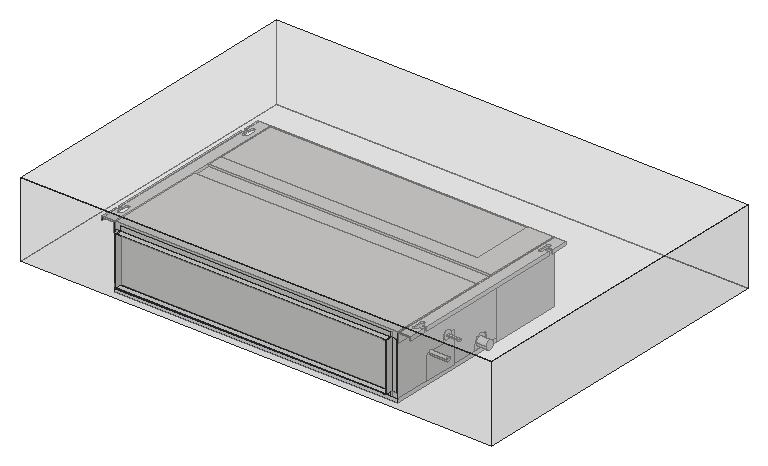
Revit family "outputfile", category 機械設備, Revit 2024
Family settings
  丸型コネクタ寸法 = 半径を使用
  パーツ タイプ = 標準
  OmniClass 番号 = 23.75.10.24.21.27.27
  OmniClass タイトル = Split System Air Conditioning Units
  作業面ベース = いいえ
  常に垂直 = はい
  ロード時にボイドで切り取り = いいえ
  注釈の向きを維持 = いいえ
  共有 = いいえ
  部屋計算ポイント = はい
Parameters (values of type "FXDQ40NDVT4")
  Description = ""
  製造元 = "Daikin"
  書き出し IFC クラス(タイプ) = "IfcUnitaryEquipmentType"
  定義済み IFC タイプ(タイプ) = "AIRCONDITIONINGUNIT"
  Cost = 0
  モデル = "FXDQ40NDVT4"
  Type Comments = ""
  Keynote = ""
  Type Image = (empty or 0)
  Assembly Code = ""
  w_pipe = 33.0 mm
  r_Liquid Pipe Size = Liquid Pipe Size / 2  # 3.2 mm
  r_Gas Pipe Size = Gas Pipe Size / 2  # 6.35 mm
  r_Drain Pipe Size = Drain Pipe Size / 2  # 10.0 mm
  lw_powersupply = 404.0 mm
  lw_ductflange2 = 820.0 mm
  lw_Width = 860.0 mm
  lh_suctionflange [instance] = if(Rear Connection_Return Air, 100.0 mm + [h***], 190.0 mm + [h***])  # 100.0 mm
  ld_suctionflange [instance] = if(Rear Connection_Return Air, 190.0 mm, 100.0 mm)  # 190.0 mm
  ld_powersupply = 60.0 mm
  angle_vertical_RA [instance] = if(Rear Connection_Return Air, 90.00°, 0.00°)  # 90.00°
  angle horizontal_RA [instance] = if(Rear Connection_Return Air, 180.00°, 270.00°)  # 180.00°
  Voltage_comment_60Hz = "220"
  Voltage_comment_50Hz = "220-240"
  Voltage_60Hz = 220 V
  Voltage_50Hz = 220 V
  URL = ""
  Supply Air Direction [instance] = yes
  Sound Power Level_H speed (dB) = 56
  Rear Connection_Return Air [instance] = not(Bottom Connection_Return Air)  # yes
  RA_length = 190.0 mm  # constant formula
  Phase_60Hz = 1
  Phase_50Hz = 1
  Minimum External Static Pressure = 15.00 Pa
  Minimum Circuit Amps_60Hz = 1.1 A
  Minimum Circuit Amps_50Hz = 1.0 A
  Maximum Fuse Amps_60Hz = 16.0 A
  Maximum Fuse Amps_50Hz = 16.0 A
  Maximum External Static Pressure = 44.00 Pa
  Material_Casing = DAIKIN_GalvanizedSteel_Casing_indoorunit
  lw_liquidpipe = 46.0 mm  # constant formula
  lw_gaspipe = 57.0 mm  # constant formula
  lw_mountinghole_pitch = 940.0 mm
  lw_mountinghole = 20.0 mm  # constant formula
  lw_drainpipe = 33.0 mm  # constant formula
  lh_powersupply = 10.0 mm
  lh_liquidpipe = 110.0 mm
  lh_gaspipe = 87.0 mm
  lh_mountinghole = Height + [h***]  # 200.0 mm
  lh_drainpipe = 30.0 mm
  lh_antena = 1.0 mm  # constant formula
  ld_liquidpipe = 193.0 mm  # constant formula
  ld_gaspipe = 130.0 mm  # constant formula
  ld_mountinghole_pitch = 0.0 mm  # constant formula
  ld_drainpipe = 280.0 mm
  ld_controlbox = 626.0 mm  # constant formula
  h*** = 0.0 mm  # constant formula
  d_dischargeflange = 21.2 mm  # constant formula
  Width = 900.0 mm
  Version = "ver.1.0"
  Unit Type = "Slim Duct (Standard) Type"
  Unit Mass Weight = 27.00 kg
  Unit Designation [instance] = ""
  Uniclass2015Version = "Products v1.30"
  Uniclass2015Title = "Variable refrigerant flow units"
  Uniclass2015Code = "Pr_70_65_03_94"
  Total Heating Capacity [instance] = 0.000 kW
  Total Cooling Capacity [instance] = 0.000 kW
  Sound Pressure Level_M speed (dBA) = 0
  Sound Pressure Level_L speed (dBA) = 26
  Sound Pressure Level_H speed (dBA) = 30
  Series = "VRV Fan Coil Unit"
  Sensible Cooling Capacity [instance] = 0.000 kW
  SA Duct Size Width = 860.0 mm
  SA Duct Size Height = 153.0 mm
  Refrigerant Type = "R410A"
  RA Duct Size Width = 800.0 mm
  RA Duct Size Height = 180.0 mm
  Power Input (Heating) = 0.147 kW
  Power Input (Cooling) = 0.147 kW
  Option Accessory 3 [instance] = ""
  Option Accessory 2 [instance] = ""
  Option Accessory 1 [instance] = ""
  Nominal Heating Capacity = 5.000 kW
  Nominal Cooling Capacity = 4.500 kW
  Minimum Airflow = 510.00 m³/h
  Median Airflow = 570.00 m³/h
  Maximum Airflow = 630.00 m³/h
  Load Classification = HVAC
  Liquid Pipe Size = 6.4 mm
  Link_Nested Family [instance] = ""
  IfcVersion = "0"
  IfcExportType = "AIRCONDITIONINGUNIT"
  IfcExportAs = "IfcUnitaryEquipmentType"
  Height = 200.0 mm
  Heating Entering Wet Bulb Temperature [instance] = 0.00 °C
  Heating Entering Dry Bulb Temperature [instance] = 0.00 °C
  Heating Ambient Wet Bulb Temperature [instance] = 0.00 °C
  Heating Ambient Dry Bulb Temperature [instance] = 0.00 °C
  Heat Exchanger Type = "Cross Fin Coil"
  Gas Pipe Size = 12.7 mm
  Frequency_60Hz = 60 Hz
  Frequency_50Hz = 50 Hz
  Fan Type = "Sirocco Fan"
  Fan Drive = "Direct Drive"
  FCU Tag No. [instance] = ""
  Drain Pipe Size = 20.0 mm
  Design Supply Airflow [instance] = 0.00 m³/h
  Design Return Airflow [instance] = 0.00 m³/h
  Design External Static Pressure [instance] = 0.00 Pa
  Depth = 620.0 mm
  既定の高さ = 0.0 mm
  Cooling Entering Wet Bulb Temperature [instance] = 0.00 °C
  Cooling Entering Dry Bulb Temperature [instance] = 0.00 °C
  Cooling Ambient Wet Bulb Temperature [instance] = 0.00 °C
  Cooling Ambient Dry Bulb Temperature [instance] = 0.00 °C
  Clearance visibility [instance] = yes
  Clearance Top = 20.0 mm
  Clearance Right = 300.0 mm
  Clearance Rear = 400.0 mm
  Clearance Left = 300.0 mm
  Clearance Front = 0.0 mm
  Clearance Bottom = 20.0 mm
  Bottom Connection_Return Air [instance] = no
Reference planes
  plane 1 "Center (Front/Back)": y = 0
  plane 2: z = 0
  plane 3 "Center (Left/Right)": x = 0
  plane 4 "Back": y = 310
  plane 5 "Front": y = -310
  plane 6 "Left": x = -450
  plane 7 "Right": x = 450
  plane 8 "Top": z = 0
  plane 9 "Bottom": z = -200
  plane 10: x = 330
  plane 11: x = -330
  plane 12: z = -190
  plane 13: z = -6
  plane 14: z = -22
  plane 15: z = -90
  plane 16: z = -113
  plane 17: x = -304
  plane 18: x = 304
  plane 19: x = -470
  plane 20: x = 470
  plane 21: y = 250
  plane 22: y = 250
  plane 23: x = -490
  plane 24: x = 390
  plane 25: x = 496
  plane 26: x = 507
  plane 27: x = 483
  plane 28: z = 0
  plane 29: z = -170
  plane 30 "Clearance Left": x = -750
  plane 31 "Clearance Right": x = 750
  plane 32 "Clearance Rear": y = 710
  plane 33 "Clearance Front": y = -310
  plane 34 "Clearance Top": z = 20
  plane 35 "Clearance Bottom": z = -220
  plane 36: z = -21
  plane 37: z = -170
  plane 38: z = -96.5
  plane 39: x = -40
  plane 40: y = -180
  plane 41: y = -117
  plane 42: y = -30
  plane 43: y = 20
  plane 44: z = -97.5
  plane 45: y = -309
  plane 46: x = -449
  plane 47: z = -100
  plane 48: z = -30
  plane 49: y = 210
  plane 50: z = 301
  plane 51: z = -199
  plane 52: y = 120
  plane 53: z = -101
  plane 54: x = 480
  plane 55: x = 445
  plane 56: x = 455
  plane 57: x = 451
  plane 58: x = 369
  plane 59: x = 449.004
  plane 60: x = -449
  plane 61: x = 404
  plane 62: z = -189
  plane 63: z = 102.5
Forms (mm)
  Extrusion 1, solid
    sketch origin (0, 0, 0) x (1, 0, 0) y (0, 0, 1)
      loop
        line (-450, -190) -> (-450, -200) -> (450, -200) -> (450, -190) -> (-450, -190)
    from -84 to 310
  Extrusion 2, solid, material "DAIKIN_GalvanizedSteel_Casing_indoorunit" <- "Material_Casing"
    sketch origin (0, 0, 0) x (1, 0, 0) y (0, 1, 0)
      loop
        line (-450, -309) -> (450, -309) -> (450, 310) -> (-450, 310) -> (-450, -309)
    from -200 to 0
  Extrusion 3, void
    sketch origin (0, 0, 1) x (1, 0, 0) y (0, 1, 0)
      loop
        line (-450, 62.179) -> (-450, 4.179) -> (450, 4.179) -> (450, 62.179) -> (-450, 62.179)
    from -1 to -7
  Extrusion 4, void
    sketch origin (0, 0, 0) x (0, 1, 0) y (0, 0, 1)
      loop
        line (-5, -190) -> (45, -190) -> (45, -170)
        arc (45, -170) -> (20, -145) -> (-5, -170) r 25
        line (-5, -170) -> (-5, -190)
    from 450 to 445
  Revolve 5, solid, material "DAIKIN_GalvanizedSteel_Casing_indoorunit" <- "Material_Casing"
    sketch origin (0, 0, -113) x (0, -1, 0) y (1, 0, 0)
      loop
        line (173.65, 451) -> (180, 451) -> (180, 507) -> (173.65, 507) -> (173.65, 451)
      axis (180, 451) -> (180, 507)
    angle from 0 to 360
  Revolve 6, solid, material "DAIKIN_GalvanizedSteel_Casing_indoorunit" <- "Material_Casing"
    sketch origin (0, 0, -90) x (0, -1, 0) y (1, 0, 0)
      loop
        line (117, 451) -> (117, 496) -> (113.8, 496) -> (113.8, 451) -> (117, 451)
      axis (117, 496) -> (117, 451)
    angle from 0 to 360
  Extrusion 7, solid, material "DAIKIN_GalvanizedSteel_Casing_indoorunit" <- "Material_Casing"
    sketch origin (0, 0, 0) x (0, 1, 0) y (0, 0, 1)
      loop
        circle (-116, -90) r 12.7
    from 450 to 455
  Extrusion 8, solid, material "DAIKIN_GalvanizedSteel_Casing_indoorunit" <- "Material_Casing"
    sketch origin (0, 0, 0) x (0, 1, 0) y (0, 0, 1)
      loop
        circle (20, -170) r 13
    from 480 to 445
  Extrusion 9, solid, material "DAIKIN_GalvanizedSteel_Casing_indoorunit" <- "Material_Casing"
    sketch origin (0, 0, 0) x (1, 0, 0) y (0, 0, 1)
      loop
        line (-450, -190) -> (-450, -200) -> (450, -200) -> (450, -190) -> (-450, -190)
    from -84 to 310
  Extrusion 10, solid, material "DAIKIN_GalvanizedSteel_Casing_indoorunit" <- "Material_Casing", visible <- "Bottom Connection_Return Air"
    sketch origin (0, 0, 0) x (1, 0, 0) y (0, 0, 1)
      loop
        line (369, -200) -> (369, -1) -> (-449, -1) -> (-449, -200) -> (369, -200)
    from -310 to -309
  Extrusion 11, void
    sketch origin (0, 0, 0) x (1, 0, 0) y (0, 0, 1)
      loop
        line (369, 0) -> (-449, 0) -> (-449, -1) -> (369, -1) -> (369, 0)
    from -310 to -111
  Extrusion 12, solid, material "DAIKIN_GalvanizedSteel_Casing_indoorunit" <- "Material_Casing", visible <- "Rear Connection_Return Air"
    sketch origin (0, 0, 0) x (1, 0, 0) y (0, 1, 0)
      loop
        line (-449, 310) -> (-449, 111) -> (369, 111) -> (369, 310) -> (-449, 310)
    from -200 to -199
  Extrusion 13, solid, material "DAIKIN_GalvanizedSteel_Casing_indoorunit" <- "Material_Casing"
    sketch origin (0, 0, 0) x (0, 1, 0) y (0, 0, 1)
      loop
        line (-194, -113) -> (-194, -190) -> (-88.3, -190) -> (-88.3, -90) -> (-103.3, -90)
        arc (-103.3, -90) -> (-116, -102.7) -> (-128.7, -90) r 12.7
        line (-128.7, -90) -> (-128.7, -113) -> (-173.65, -113)
        arc (-173.65, -113) -> (-180, -119.35) -> (-186.35, -113) r 6.35
        line (-186.35, -113) -> (-194, -113)
    from 451 to 450
  Extrusion 14, solid, material "DAIKIN_GalvanizedSteel_Casing_indoorunit" <- "Material_Casing"
    sketch origin (0, 0, 0) x (0, 1, 0) y (0, 0, 1)
      loop
        line (84, -199) -> (310, -199) -> (310, -22) -> (91, -22) -> (84, -29) -> (84, -199)
    from 451 to 450
Cuts and joins
  Extrusion 3, Extrusion 4, Extrusion 11 cuts Extrusion 2
  Extrusion 4 cuts Extrusion 1
  Extrusion 11 cuts Extrusion 9
Dimensions and locks
  "lh_powersupply": plane 12 to plane 9 "Bottom"
  locked: plane 8 "Top" to plane 13 at 6
  "Height": plane 8 "Top" to plane 9 "Bottom"
  equal spacing: plane 17, plane 3 "Center (Left/Right)", plane 18, locked at 304 each
  locked: plane 17 to plane 18 at 608
  equal spacing: plane 19, plane 3 "Center (Left/Right)", plane 20
  "lw_mountinghole_pitch": plane 19 to plane 20
  locked: plane 14 to plane 9 "Bottom" at 178
  "lw_mountinghole": plane 23 to plane 19
  "lh_liquidpipe": plane 15 to plane 9 "Bottom"
  "lh_gaspipe": plane 16 to plane 9 "Bottom"
  "lh_mountinghole": plane 28 to plane 9 "Bottom"
  "ld_mountinghole_pitch": plane 22 to plane 21
  equal spacing: plane 6 "Left", plane 3 "Center (Left/Right)", plane 7 "Right"
  "Width": plane 6 "Left" to plane 7 "Right"
  "lh_drainpipe": plane 29 to plane 9 "Bottom"
  "Clearance Right": plane 7 "Right" to plane 31 "Clearance Right"
  "Clearance Left": plane 30 "Clearance Left" to plane 6 "Left"
  "lw_gaspipe": plane 7 "Right" to plane 26
  "lw_liquidpipe": plane 7 "Right" to plane 25
  "lw_drainpipe": plane 7 "Right" to plane 27
  "Clearance Rear": plane 32 "Clearance Rear" to plane 4 "Back"
  "Clearance Front": plane 5 "Front" to plane 33 "Clearance Front"
  "Clearance Top": plane 34 "Clearance Top" to plane 8 "Top"
  "Clearance Bottom": plane 9 "Bottom" to plane 35 "Clearance Bottom"
  "ld_powersupply": plane 4 "Back" to plane 22
  locked: plane 8 "Top" to plane 36 at 21
  locked: plane 8 "Top" to plane 37 at 170
  locked: plane 40 to plane 41 at 63
  locked: plane 38 to plane 9 "Bottom" at 103.5
  locked: plane 36 to plane 44 at 76.5
  "Depth": plane 4 "Back" to plane 5 "Front"
  equal spacing: plane 4 "Back", plane 1 "Center (Front/Back)", plane 5 "Front"
  locked: plane 45 to plane 5 "Front" at 1
  locked: plane 46 to plane 6 "Left" at 1
  Extrusion 10 sketch curve to Extrusion 10 sketch curve = 199.0 mm
  locked: plane 12 to plane 47 at 90
  plane 32 "Clearance Rear" to Extrusion 10 = 401.0 mm
  locked: plane 48 to plane 35 "Clearance Bottom" at 190
  plane 50 to plane 28 = 301.0 mm
  locked: plane 51 to plane 9 "Bottom" at 1
  "ld_suctionflange": plane 4 "Back" to plane 52
  locked: plane 53 to plane 9 "Bottom" at 99
  locked: plane 7 "Right" to plane 54 at 30
  locked: plane 55 to plane 7 "Right" at 5
  locked: plane 7 "Right" to plane 56 at 5
  locked: plane 7 "Right" to plane 57 at 1
  plane 7 "Right" to plane 58 = 81.0 mm
  locked: plane 7 "Right" to plane 59 at 0.996
  locked: plane 60 to plane 6 "Left" at 1
  "lw_powersupply": plane 3 "Center (Left/Right)" to plane 61
  "r_Gas Pipe Size": nested 6 to Revolve 5 sketch curve
  "r_Liquid Pipe Size": nested 5 to Revolve 6 sketch curve
  locked: plane 62 to plane 9 "Bottom" at 11
  aligned and locked: level to plane 2
  aligned and locked: Extrusion 2 to plane 9 "Bottom"
  aligned and locked: plane 8 "Top" to Extrusion 2
  aligned and locked: Revolve 5 sketch curve to Revolve 5 sketch curve
  aligned and locked: plane 15 to Extrusion 7 sketch curve
  aligned and locked: cut or joined group of Extrusion 1, Extrusion 4 to plane 9 "Bottom"
  aligned and locked: plane 25 to nested 5
  aligned and locked: nested 5 to plane 15
  aligned and locked: nested 1 to plane 22
  aligned and locked: plane 20 to nested 2
  aligned and locked: plane 19 to nested 3
  aligned and locked: plane 22 to nested 4
  aligned and locked: nested 4 to plane 22
  aligned and locked: plane 19 to nested 4
  aligned and locked: nested 10 to plane 12
  aligned and locked: Extrusion 9 to plane 5 "Front"
  aligned and locked: Extrusion 9 to plane 9 "Bottom"
  aligned and locked: nested 6 to plane 16
  aligned and locked: plane 40 to nested 6
  aligned and locked: plane 41 to nested 5
  aligned and locked: Extrusion 8 sketch curve to plane 43
  aligned and locked: plane 4 "Back" to Extrusion 11
  aligned and locked: plane 8 "Top" to Extrusion 3
  aligned and locked: Extrusion 10 to cut or joined group of Extrusion 2, Extrusion 3, Extrusion 4, Extrusion 11
  aligned and locked: plane 9 "Bottom" to Extrusion 12  (x2)
  aligned and locked: Extrusion 12 to plane 51
  aligned and locked: Extrusion 11 to level
  aligned and locked: plane 32 "Clearance Rear" to nested 13
  aligned and locked: plane 31 "Clearance Right" to nested 13
  aligned and locked: plane 30 "Clearance Left" to nested 13
  aligned and locked: nested 13 to plane 33 "Clearance Front"
  aligned and locked: nested 13 to plane 34 "Clearance Top"
  aligned and locked: nested 13 to plane 35 "Clearance Bottom"
  aligned and locked: plane 7 "Right" to Extrusion 13  (x2)
  aligned and locked: plane 4 "Back" to Extrusion 14
  aligned and locked: Extrusion 14 to plane 51
  aligned and locked: plane 7 "Right" to Extrusion 14  (x2)
  aligned and locked: Extrusion 13 to Revolve 5 sketch curve
  aligned and locked: Extrusion 3 to plane 13
  aligned and locked: plane 52 to nested 14
  aligned and locked: Extrusion 7 to plane 7 "Right"
  aligned and locked: plane 7 "Right" to cut or joined group of Extrusion 2, Extrusion 3, Extrusion 4, Extrusion 11  (x3)
  aligned and locked: cut or joined group of Extrusion 2, Extrusion 3, Extrusion 4, Extrusion 11 to plane 55
  aligned and locked: Extrusion 8 to plane 55
  aligned and locked: plane 54 to Extrusion 8
  aligned and locked: plane 56 to Extrusion 7
  aligned and locked: plane 57 to Extrusion 14
  aligned and locked: Extrusion 13 to plane 57
  aligned and locked: plane 26 to nested 6
  aligned and locked: plane 58 to Extrusion 11 sketch curve
  aligned and locked: Extrusion 10 sketch curve to plane 58
  aligned and locked: plane 3 "Center (Left/Right)" to nested 15
  aligned and locked: Extrusion 12 to plane 58
  aligned and locked: plane 6 "Left" to nested 11
  aligned and locked: plane 8 "Top" to nested 15
  aligned and locked: plane 4 "Back" to nested 15
  aligned and locked: cut or joined group of Extrusion 2, Extrusion 3, Extrusion 4, Extrusion 11 to plane 45
  aligned and locked: nested 10 to plane 61
  aligned and locked: plane 20 to nested 1
  aligned and locked: plane 43 to nested 7
  aligned and locked: nested 7 to plane 37
  aligned and locked: plane 54 to nested 7
  aligned and locked: nested 9 to plane 1 "Center (Front/Back)"
  aligned and locked: plane 3 "Center (Left/Right)" to nested 9
  aligned and locked: nested 16 to plane 62
  aligned and locked: plane 13 to nested 16
  aligned and locked: nested 11 to plane 51
  aligned and locked: nested 12 to plane 51
  aligned and locked: plane 44 to nested 8
  aligned and locked: plane 45 to nested 16
  aligned and locked: level to plane 8 "Top"
Automatic sketch dimensions
  Extrusion 1 sketch curve to plane 6 "Left" = 0.0 mm
  Extrusion 1 sketch curve to plane 7 "Right" = 0.0 mm
  Extrusion 1 sketch curve to plane 9 "Bottom" = 0.0 mm
  Extrusion 1 sketch curve to plane 12 = 0.0 mm
  Extrusion 2 sketch curve to plane 4 "Back" = 0.0 mm
  Extrusion 2 sketch curve to plane 6 "Left" = 0.0 mm
  Extrusion 2 sketch curve to plane 7 "Right" = 0.0 mm
  Extrusion 2 sketch curve to plane 45 = 0.0 mm
  Extrusion 3 sketch curve to plane 6 "Left" = 0.0 mm
  Extrusion 3 sketch curve to plane 7 "Right" = 0.0 mm
  Extrusion 3 sketch curve to plane 1 "Center (Front/Back)" = 4.179 mm
  plane 43 to Extrusion 3 sketch curve = 42.179 mm
  Extrusion 4 sketch curve to plane 37 = 0.0 mm
  Extrusion 4 sketch curve to plane 12 = 0.0 mm
  Extrusion 4 sketch curve to plane 43 = 0.0 mm
  plane 1 "Center (Front/Back)" to Extrusion 4 sketch curve = 5.0 mm
  plane 41 to Extrusion 7 sketch curve = 1.0 mm
  Extrusion 8 sketch curve to plane 37 = 0.0 mm
  Extrusion 9 sketch curve to plane 6 "Left" = 0.0 mm
  Extrusion 9 sketch curve to plane 7 "Right" = 0.0 mm
  Extrusion 9 sketch curve to plane 9 "Bottom" = 0.0 mm
  Extrusion 9 sketch curve to plane 12 = 0.0 mm
  plane 46 to Extrusion 10 sketch curve = 0.0 mm
  plane 46 to Extrusion 11 sketch curve = 0.0 mm
  Extrusion 11 sketch curve to plane 8 "Top" = 1.0 mm
  Extrusion 12 sketch curve to plane 46 = 0.0 mm
  Extrusion 12 sketch curve to plane 4 "Back" = 0.0 mm
  plane 18 to Extrusion 12 sketch curve = 65.0 mm
  plane 43 to Extrusion 12 sketch curve = 91.0 mm
  plane 35 "Clearance Bottom" to Extrusion 11 sketch curve = 220.0 mm
  Extrusion 10 sketch curve to plane 51 = 1.0 mm
  Extrusion 13 sketch curve to plane 12 = 0.0 mm
  Extrusion 13 sketch curve to plane 16 = 0.0 mm
  Extrusion 13 sketch curve to plane 40 = 0.0 mm
  Extrusion 13 sketch curve to plane 15 = 0.0 mm
  Extrusion 13 sketch curve to Extrusion 13 sketch curve = 6.35 mm
  Extrusion 13 sketch curve to Extrusion 13 sketch curve = 7.65 mm
  Extrusion 13 sketch curve to plane 41 = 11.7 mm
  plane 41 to Extrusion 13 sketch curve = 1.0 mm
  Extrusion 13 sketch curve to Extrusion 13 sketch curve = 27.7 mm
  Extrusion 14 sketch curve to plane 51 = 0.0 mm
  Extrusion 14 sketch curve to plane 14 = 0.0 mm
  plane 48 to Extrusion 14 sketch curve = 1.0 mm
  plane 43 to Extrusion 14 sketch curve = 64.0 mm
  Extrusion 14 sketch curve to Extrusion 14 sketch curve = 7.0 mm
  Extrusion 14 sketch curve to plane 4 "Back" = 0.0 mm
  Revolve 5 sketch curve to plane 26 = 0.0 mm
  Revolve 5 sketch curve to plane 40 = 0.0 mm
  Revolve 5 sketch curve to Revolve 5 sketch curve = 1.003 mm
  plane 26 to Revolve 5 sketch curve = 1.003 mm
  Revolve 6 sketch curve to plane 41 = 0.0 mm  (x2)
  Revolve 6 sketch curve to plane 25 = 0.0 mm  (x2)
  Revolve 6 sketch curve to plane 57 = 0.0 mm  (x2)
  radius of Extrusion 7 sketch curve = 12.7 mm
  radius of Extrusion 8 sketch curve = 13.0 mm
Nested families
  nested 1: "daikin_mountinghole" at (470, 250, -200), l_antenna <- "lh_antena", Link_Nested Family <- "Link_Nested Family", h_mountinghole <- "lh_mountinghole", type "daikin_mountinghole"
    with show yes, l_antenna 1.0 mm, h_mountinghole 200.0 mm, Link_Nested Family ""
  nested 2: "daikin_mountinghole" at (470, -250, -200), Link_Nested Family <- "Link_Nested Family", l_antenna <- "lh_antena", h_mountinghole <- "lh_mountinghole", type "daikin_mountinghole"
    with show yes, l_antenna 1.0 mm, h_mountinghole 200.0 mm, Link_Nested Family ""
  nested 3: "daikin_mountinghole" at (-470, -250, -200), l_antenna <- "lh_antena", Link_Nested Family <- "Link_Nested Family", h_mountinghole <- "lh_mountinghole", type "daikin_mountinghole"
    with show yes, l_antenna 1.0 mm, h_mountinghole 200.0 mm, Link_Nested Family ""
  nested 4: "daikin_mountinghole" at (-470, 250, -200), l_antenna <- "lh_antena", Link_Nested Family <- "Link_Nested Family", h_mountinghole <- "lh_mountinghole", type "daikin_mountinghole"
    with show yes, l_antenna 1.0 mm, h_mountinghole 200.0 mm, Link_Nested Family ""
  nested 5: "daikin_connector_rotate2" at (450, -117, -90) x (0, 1, 0) z (0, 0, 1), length <- "lw_liquidpipe", built-in parameter 1001364 <- "lh_liquidpipe", radius <- "r_Liquid Pipe Size", type "daikin_connector_rotate2"
    with radius 3.2 mm, length 46.0 mm, angle_vertical 90.00°, show_face no
  nested 6: "daikin_connector_rotate2" at (450, -180, -113) x (0, 1, 0) z (0, 0, 1), length <- "lw_gaspipe", built-in parameter 1001364 <- "lh_gaspipe", radius <- "r_Gas Pipe Size", type "daikin_connector_rotate2"
    with radius 6.35 mm, length 57.0 mm, angle_vertical 90.00°, show_face no
  nested 7: "daikin_connector_rotate2" at (447, 20, -170) x (0, 1, 0) z (0, 0, 1), built-in parameter 1001364 <- "lh_drainpipe", length <- "lw_drainpipe", radius <- "r_Drain Pipe Size", type "daikin_connector_rotate2"
    with radius 10.0 mm, length 33.0 mm, angle_vertical 90.00°, show_face no
  nested 8: "daikin_connector_rotate2" at (0, -309, -97.5), length <- "d_dischargeflange", type "daikin_connector_rotate2"
    with radius 10.0 mm, length 21.2 mm, angle_vertical 90.00°, show_face no
  nested 9: "daikin_△_symbolicline" at (-75, -129.904, 200) x (-0.5, 0.866, 0) z (0, 0, 1), built-in parameter 1001364 <- "Height", visible <- "Supply Air Direction", type "daikin_△_symbolicline"
    with length 300.0 mm
  nested 10: "daikin_connector_rotate2" at (404, 250, -190) x (-1, 0, 0) z (0, 0, 1), built-in parameter 1001364 <- "lw_powersupply", length <- "ld_powersupply", type "daikin_connector_rotate2"
    with radius 10.0 mm, length 60.0 mm, angle_vertical 90.00°, show_face no
  nested 11: "daikin_ductflange_FXDQ-NDVT4_2" at (-40, 310, -100), visible <- "Rear Connection_Return Air", material <- "Material_Casing", width <- "lw_ductflange2", type "daikin_ductflange_FXDQ-NDVT4_2"
    with width 820.0 mm, material DAIKIN_GalvanizedSteel_Casing_indoorunit, height 180.0 mm, depth 21.2 mm
  nested 12: "daikin_ductflange_FXDQ-NDVT4_2" at (-40, 210, -200) x (1, 0, 0) z (0, 1, 0), visible <- "Bottom Connection_Return Air", material <- "Material_Casing", width <- "lw_ductflange2", type "daikin_ductflange_FXDQ-NDVT4_2"
    with width 820.0 mm, material DAIKIN_GalvanizedSteel_Casing_indoorunit, height 180.0 mm, depth 21.2 mm
  nested 13: "daikin_clearancespace" at (0, 200, -99.881), visible <- "Clearance visibility", show <- "Clearance visibility", Link_Nested Family <- "Link_Nested Family", type "daikin_clearancespace"
    with width 1500.0 mm, show yes, height 240.0 mm, depth 1020.0 mm, Link_Nested Family ""
  nested 14: "daikin_connector_rotate3" at (-40, 120, -100), built-in parameter 1001364 <- "lh_suctionflange", angle_vertical <- "angle_vertical_RA", angle_horizontal <- "angle horizontal_RA", length <- "RA_length", type "daikin_connector_rotate3"
    with show no, radius 10.0 mm, length 190.0 mm, angle_vertical 90.00°, angle_horizontal 180.00°
  nested 15: "daikin_hangerfixture_FXDQ-NDVT4" at (0, 0.5, 0), type "daikin_hangerfixture_FXDQ-NDVT4"
  nested 16: "daikin_ductflange_FXDQ-NDVT4_1" at (0, 4.5, -364.201), width <- "lw_Width", material <- "Material_Casing", type "daikin_ductflange_FXDQ-NDVT4_1"
    with width 860.0 mm, material DAIKIN_GalvanizedSteel_Casing_indoorunit, height 155.0 mm, depth 21.2 mm
Connectors
  piping at (507, -180, -113), diameter 12.7, driven by "r_Gas Pipe Size"
    settings: on nested 6, index 1, connector inside diameter 609.6 mm, connector length 0.0 mm, flow factor 0, pipe flow 0.00 m³/h, pressure drop 0.0 Pa, fitting loss kfactor 0, connector angle 0.00°, fixture units 0, engagement length 0.0 mm, angle of deflection 0.00°, flow configuration 1, flow direction 2, fitting loss method 0, system type 29, joint type 0, gender type 0, connector reference index -1, connector utility 0, adjustable connector no, is connector primary yes, connector description "Refrigerant Gas Piping"
  piping at (496, -117, -90), diameter 6.4, driven by "r_Liquid Pipe Size"
    settings: on nested 5, index 2, connector inside diameter 609.6 mm, connector length 0.0 mm, flow factor 0, pipe flow 0.00 m³/h, pressure drop 0.0 Pa, fitting loss kfactor 0, connector angle 0.00°, fixture units 0, engagement length 0.0 mm, angle of deflection 0.00°, flow configuration 1, flow direction 1, fitting loss method 0, system type 29, joint type 0, gender type 0, connector reference index -1, connector utility 0, adjustable connector no, is connector primary no, connector description "Refrigerant Liquid Piping"
  piping at (480, 20, -170), diameter 20, driven by "r_Drain Pipe Size"
    settings: on nested 7, index 3, connector inside diameter 609.6 mm, connector length 0.0 mm, flow factor 0, pipe flow 0.00 m³/h, pressure drop 0.0 Pa, fitting loss kfactor 0, connector angle 0.00°, fixture units 0, engagement length 0.0 mm, angle of deflection 0.00°, flow configuration 1, flow direction 2, fitting loss method 4, system type 16, joint type 0, gender type 0, connector reference index -1, connector utility 0, adjustable connector no, is connector primary no, connector description "Condensate Drain Piping"
  hvac at (0, -330.2, -97.5), driven by "SA Duct Size Height", driven by "SA Duct Size Width"
    settings: on nested 8, index 7, duct flow 0.00 m³/h, flow factor 0, pres drop 0.00 Pa, loss coef 0, conn angle 0.00°, conn width 860.0 mm, conn height 153.0 mm, conn diameter 609.6 mm, duct sys type 1, conn prof type 1, flow config 0, flow direction 2, loss method 4, conn ref index -1, conn util no, is conn primary yes, conn desc "SA Duct"
  electrical at (404, 310, -190), driven by "Load Classification"
    settings: on nested 10, index 9, voltage 0 V, apparent load 0 VA, apparent load phase1 0 VA, apparent load phase2 0 VA, apparent load phase3 0 VA, power factor 1, load classification "HVAC", number of poles 1, system type 30, power factor state 1, is connector primary yes, connector utility no, sub classification motor no, connector description "Power Supply"
  hvac at (-40, 310, -100), driven by "RA Duct Size Height", driven by "RA Duct Size Width"
    settings: on nested 14, index 10, duct flow 0.00 m³/h, flow factor 0, pres drop 0.00 Pa, loss coef 0, conn angle 0.00°, conn width 800.0 mm, conn height 180.0 mm, conn diameter 609.6 mm, duct sys type 2, conn prof type 1, flow config 0, flow direction 1, loss method 4, conn ref index -1, conn util no, is conn primary no, conn desc "RA Duct"
Definition of nested family "daikin_ductflange_FXDQ-NDVT4_2"
  Parameters (values of type "daikin_ductflange_FXDQ-PDVE2")
    width [instance] = 620.0 mm
    material [instance] = none
    height [instance] = 180.0 mm
    depth [instance] = 21.2 mm
    Default Elevation = 0.0 mm
  Reference planes
    plane 1 "Center (Front/Back)": y = 0
    plane 2: z = 0
    plane 3 "Center (Left/Right)": x = 0
    plane 4: y = -313.5
    plane 5: y = -334.7
    plane 6: x = -310
    plane 7: x = 310
    plane 8: z = 90
    plane 9: z = -90
    plane 10: z = 100
    plane 11: z = -100
    plane 12: x = -309
    plane 13: x = 309
  Forms (mm)
    Extrusion 1, solid, material <- "material"
      sketch origin (0, 0, 0) x (1, 0, 0) y (0, 0, 1)
        loop
          line (-300, 90) -> (-300, -90) -> (300, -90) -> (300, 90) -> (-300, 90)
        loop
          line (-309, -99) -> (309, -99) -> (309, 99) -> (-309, 99) -> (-309, -99)
      from 0 to 1
  Dimensions and locks
    plane 4 to plane 1 "Center (Front/Back)" = 313.5 mm
    "depth": plane 5 to plane 4
    equal spacing: plane 7, plane 3 "Center (Left/Right)", plane 6, locked at 310 each
    "width": plane 7 to plane 6
    equal spacing: plane 8, level, plane 9, locked at 90 each
    "height": plane 8 to plane 9
    equal spacing: plane 10, level, plane 11, locked at 100 each
    locked: plane 10 to plane 11 at 200
    plane 12 to plane 6 = 1.0 mm
    locked: plane 7 to plane 13 at 1
    locked: Extrusion 1 sketch curve to Extrusion 1 sketch curve at 9  (x4)
    locked: plane 10 to Extrusion 1 sketch curve at 1
    locked: Extrusion 1 sketch curve to plane 11 at 1
    aligned and locked: level to plane 2
  Automatic sketch dimensions
    plane 6 to Extrusion 1 sketch curve = 1.0 mm
    Extrusion 1 sketch curve to plane 7 = 1.0 mm
Definition of nested family "daikin_clearancespace"
  Parameters (values of type "daikin_clearancespace")
    width [instance] = 1823.963 mm
    show [instance] = yes
    material = none
    height [instance] = 1359.762 mm
    depth [instance] = 880.0 mm
    Default Elevation = 0.0 mm
    Link_Nested Family [instance] = ""
  Reference planes
    plane 1 "Center (Front/Back)": y = 0
    plane 2 "Center (Elevation)": z = -0.119
    plane 3 "Center (Left/Right)": x = 0
    plane 4: y = 440
    plane 5: y = -440
    plane 6 "Right": x = 911.982
    plane 7 "Left": x = -911.982
    plane 8 "Top": z = 679.762
    plane 9 "Bottom": z = -680
  Forms (mm)
    Extrusion 1, solid, material <- "material", visible <- "show"
      sketch origin (0, 0, 0) x (1, 0, 0) y (0, 1, 0)
        loop
          line (-911.982, 440) -> (-911.982, -440) -> (911.982, -440) -> (911.982, 440) -> (-911.982, 440)
      from -680 to 679.762
  Lines and regions (mm)
    symbolic lines, visible <- "show"
      curve 1: line (911.982, 440, 0) -> (-911.982, 440, 0)
      curve 2: line (-911.982, 440, 0) -> (-911.982, -440, 0)
      curve 3: line (-911.982, -440, 0) -> (911.982, -440, 0)
      curve 4: line (911.982, -440, 0) -> (911.982, 440, 0)
      curve 5: line (911.982, 0, 679.762) -> (-911.982, 0, 679.762)
      curve 6: line (911.982, 0, -680) -> (911.982, 0, 679.762)
      curve 7: line (-911.982, 0, -680) -> (911.982, 0, -680)
      curve 8: line (-911.982, 0, 679.762) -> (-911.982, 0, -680)
      curve 9: line (0, 440, 679.762) -> (0, -440, 679.762)
      curve 10: line (0, -440, 679.762) -> (0, -440, -680)
      curve 11: line (0, 440, -680) -> (0, 440, 679.762)
      curve 12: line (0, -440, -680) -> (0, 440, -680)
  Dimensions and locks
    "width": plane 7 "Left" to plane 6 "Right"
    "depth": plane 4 to plane 5
    "height": plane 8 "Top" to plane 9 "Bottom"
    equal spacing: plane 7 "Left", plane 3 "Center (Left/Right)", plane 6 "Right"
    equal spacing: plane 4, plane 1 "Center (Front/Back)", plane 5
    equal spacing: plane 8 "Top", plane 2 "Center (Elevation)", plane 9 "Bottom"
    aligned and locked: level to plane 2 "Center (Elevation)"
    aligned and locked: Extrusion 1 sketch curve to plane 4
    aligned and locked: plane 7 "Left" to Extrusion 1 sketch curve
    aligned and locked: Extrusion 1 sketch curve to plane 5
    aligned and locked: Extrusion 1 sketch curve to plane 6 "Right"
    aligned and locked: plane 8 "Top" to Extrusion 1
    aligned and locked: curve 1 to Extrusion 1
    aligned and locked: curve 2 to Extrusion 1
    aligned and locked: curve 3 to Extrusion 1
    aligned and locked: curve 4 to Extrusion 1
    aligned and locked: curve 5 to Extrusion 1
    aligned and locked: curve 6 to Extrusion 1
    aligned and locked: curve 7 to Extrusion 1
    aligned and locked: curve 8 to Extrusion 1
    aligned and locked: curve 9 to Extrusion 1
    aligned and locked: curve 10 to Extrusion 1
    aligned and locked: curve 11 to Extrusion 1
    aligned and locked: curve 12 to Extrusion 1
    aligned and locked: Extrusion 1 to plane 9 "Bottom"
Definition of nested family "daikin_hangerfixture_FXDQ-NDVT4"
  Parameters (values of type "daikin_hangerfixture_FXDQ-PDVE")
    width = 900.0 mm
    material = none
    height = 30.0 mm
    depth = 619.0 mm
    Default Elevation = 0.0 mm
  Reference planes
    plane 1 "Center (Front/Back)": y = 0
    plane 2: z = 0
    plane 3 "Center (Left/Right)": x = 0
    plane 4: x = 450
    plane 5: y = 309.5
    plane 6: y = -309.5
    plane 7: x = -450
    plane 8: z = -30
  Forms (mm)
    Extrusion 1, solid, material <- "material"
      sketch origin (0, 0, 0) x (1, 0, 0) y (0, 0, 1)
        loop
          line (450, 0) -> (450, -30) -> (452.3, -30) -> (452.3, -2.3) -> (487.7, -2.3) -> (487.7, -10) -> (490, -10) -> (490, 0) -> (450, 0)
      from -309.5 to 309.5
    Extrusion 2, void
      sketch origin (0, 0, 0) x (0, 1, 0) y (0, 0, 1)
        loop
          line (309.5, -30) -> (309.5, -17.979) -> (87.935, -17.979) -> (75.914, -30) -> (309.5, -30)
      from 0 to 550
    Extrusion 3, void
      sketch origin (0, 0, 0) x (1, 0, 0) y (0, 1, 0)
        loop
          line (490, -244) -> (477, -244) -> (477, -237.5)
          arc (477, -237.5) -> (470, -230.5) -> (463, -237.5) r 7
          line (463, -237.5) -> (463, -263.5)
          arc (463, -263.5) -> (470, -270.5) -> (477, -263.5) r 7
          line (477, -263.5) -> (477, -257) -> (490, -257) -> (490, -244)
        loop
          line (490, 243) -> (490, 256) -> (477, 256) -> (477, 262.5)
          arc (477, 262.5) -> (470, 269.5) -> (463, 262.5) r 7
          line (463, 262.5) -> (463, 236.5)
          arc (463, 236.5) -> (470, 229.5) -> (477, 236.5) r 7
          line (477, 236.5) -> (477, 243) -> (490, 243)
      from -254.96 to 618
    Extrusion 4, solid, material <- "material"
      sketch origin (0, 0, 0) x (-1, 0, 0) y (0, 0, -1)
        loop
          line (450, 0) -> (490, 0) -> (490, 10) -> (487.7, 10) -> (487.7, 2.3) -> (452.3, 2.3) -> (452.3, 30) -> (450, 30) -> (450, 0)
      from -309.5 to 309.5
    Extrusion 5, void
      sketch origin (0, 0, 0) x (-1, 0, 0) y (0, -1, 0)
        loop
          line (490, 244) -> (490, 257) -> (477, 257) -> (477, 263.5)
          arc (477, 263.5) -> (470, 270.5) -> (463, 263.5) r 7
          line (463, 263.5) -> (463, 237.5)
          arc (463, 237.5) -> (470, 230.5) -> (477, 237.5) r 7
          line (477, 237.5) -> (477, 244) -> (490, 244)
        loop
          line (490, -243) -> (477, -243) -> (477, -236.5)
          arc (477, -236.5) -> (470, -229.5) -> (463, -236.5) r 7
          line (463, -236.5) -> (463, -262.5)
          arc (463, -262.5) -> (470, -269.5) -> (477, -262.5) r 7
          line (477, -262.5) -> (477, -256) -> (490, -256) -> (490, -243)
      from -254.96 to 618
  Cuts and joins
    Extrusion 2, Extrusion 3, Extrusion 5 cuts Extrusion 1
    Extrusion 5 cuts Extrusion 4
  Dimensions and locks
    equal spacing: plane 5, plane 1 "Center (Front/Back)", plane 6
    "depth": plane 5 to plane 6
    plane 6 to plane 1 "Center (Front/Back)" to plane 5 = 309.5 mm, 309.5 mm
    equal spacing: plane 4, plane 3 "Center (Left/Right)", plane 7
    "width": plane 4 to plane 7
    "height": level to plane 8
    locked: plane 4 to Extrusion 2 at 100
    aligned and locked: level to plane 2
    aligned and locked: plane 5 to Extrusion 1
    aligned and locked: Extrusion 1 to plane 6
    aligned and locked: Extrusion 1 to plane 4
    aligned and locked: plane 5 to cut or joined group of Extrusion 1, Extrusion 2, Extrusion 3, Extrusion 5
    aligned and locked: cut or joined group of Extrusion 1, Extrusion 2, Extrusion 3, Extrusion 5 to plane 6
    aligned and locked: level to cut or joined group of Extrusion 1, Extrusion 2, Extrusion 3, Extrusion 5
    aligned and locked: cut or joined group of Extrusion 1, Extrusion 2, Extrusion 3, Extrusion 5 to plane 8
    aligned and locked: plane 5 to cut or joined group of Extrusion 4, Extrusion 5
    aligned and locked: cut or joined group of Extrusion 4, Extrusion 5 to plane 6
  Automatic sketch dimensions
    Extrusion 1 sketch curve to plane 4 = 0.0 mm
    Extrusion 1 sketch curve to plane 8 = 0.0 mm
    Extrusion 1 sketch curve to level = 0.0 mm
    plane 4 to Extrusion 1 sketch curve = 2.3 mm
    Extrusion 1 sketch curve to level = 2.3 mm
    Extrusion 1 sketch curve to Extrusion 1 sketch curve = 35.4 mm
    Extrusion 1 sketch curve to Extrusion 1 sketch curve = 2.3 mm
    Extrusion 1 sketch curve to Extrusion 1 sketch curve = 7.7 mm
    Extrusion 2 sketch curve to plane 8 = 0.0 mm
    Extrusion 2 sketch curve to plane 5 = 0.0 mm
    plane 8 to Extrusion 2 sketch curve = 12.021 mm
    Extrusion 2 sketch curve to plane 1 "Center (Front/Back)" = 87.935 mm
    Extrusion 2 sketch curve to Extrusion 2 sketch curve = 12.021 mm
    plane 4 to Extrusion 3 sketch curve = 13.0 mm  (x2)
    Extrusion 3 sketch curve to Extrusion 3 sketch curve = 7.0 mm  (x4)
    Extrusion 3 sketch curve to Extrusion 3 sketch curve = 13.0 mm  (x4)
    plane 6 to Extrusion 3 sketch curve = 46.0 mm
    Extrusion 3 sketch curve to Extrusion 3 sketch curve = 6.5 mm  (x4)
    Extrusion 3 sketch curve to plane 5 = 73.0 mm
    Extrusion 4 sketch curve to plane 7 = 0.0 mm
    Extrusion 4 sketch curve to plane 8 = 0.0 mm
    Extrusion 4 sketch curve to level = 0.0 mm
    Extrusion 4 sketch curve to plane 7 = 2.3 mm
    Extrusion 4 sketch curve to level = 2.3 mm
    Extrusion 4 sketch curve to Extrusion 4 sketch curve = 35.4 mm
    Extrusion 4 sketch curve to Extrusion 4 sketch curve = 2.3 mm
    Extrusion 4 sketch curve to Extrusion 4 sketch curve = 7.7 mm
    Extrusion 5 sketch curve to plane 7 = 13.0 mm  (x2)
    Extrusion 5 sketch curve to Extrusion 5 sketch curve = 7.0 mm  (x4)
    Extrusion 5 sketch curve to Extrusion 5 sketch curve = 13.0 mm  (x4)
    Extrusion 5 sketch curve to plane 5 = 47.0 mm
    Extrusion 5 sketch curve to Extrusion 5 sketch curve = 6.5 mm  (x4)
    plane 6 to Extrusion 5 sketch curve = 72.0 mm
Definition of nested family "daikin_ductflange_FXDQ-NDVT4_1"
  Parameters (values of type "daikin_ductflange_FXDQ-NDVET")
    width [instance] = 860.0 mm
    material [instance] = none
    height [instance] = 155.0 mm
    depth [instance] = 21.2 mm
    Default Elevation = 0.0 mm
  Reference planes
    plane 1 "Center (Front/Back)": y = 0
    plane 2: z = 189.201
    plane 3 "Center (Left/Right)": x = 0
    plane 4: y = -313.5
    plane 5: x = -430
    plane 6: x = 430
    plane 7: y = -334.7
    plane 8: z = 344.201
    plane 9: z = 266.701
    plane 10: z = 343.201
    plane 11: z = 190.201
  Forms (mm)
    Extrusion 1, solid, material <- "material"
      sketch origin (0, 0, 189.201) x (1, 0, 0) y (0, 1, 0)
        loop
          line (-430, -334.7) -> (-430, -313.5) -> (-448, -313.5) -> (-448, -314.5) -> (-431, -314.5) -> (-431, -334.7) -> (-430, -334.7)
        loop
          line (430, -334.7) -> (431, -334.7) -> (431, -314.5) -> (448, -314.5) -> (448, -313.5) -> (430, -313.5) -> (430, -334.7)
      from 1 to 154
    Extrusion 2, solid, material <- "material"
      sketch origin (0, 0, 0) x (0, 1, 0) y (0, 0, 1)
        loop
          line (-313.5, 343.201) -> (-313.5, 358.201) -> (-314.5, 358.201) -> (-314.5, 344.201) -> (-334.7, 344.201) -> (-334.7, 343.201) -> (-313.5, 343.201)
        loop
          line (-313.5, 190.201) -> (-334.7, 190.201) -> (-334.7, 189.201) -> (-314.5, 189.201) -> (-314.5, 175.201) -> (-313.5, 175.201) -> (-313.5, 190.201)
      from -430 to 430
  Dimensions and locks
    plane 4 to plane 1 "Center (Front/Back)" = 313.5 mm
    "depth": plane 7 to plane 4
    equal spacing: plane 8, plane 9, level
    "height": plane 8 to level
    equal spacing: plane 6, plane 3 "Center (Left/Right)", plane 5
    "width": plane 6 to plane 5
    plane 5 to plane 6 = 860.0 mm
    locked: plane 8 to plane 10 at 1
    locked: plane 11 to level at 1
    locked: Extrusion 1 to Extrusion 2 sketch curve at 1
    locked: Extrusion 2 sketch curve to Extrusion 1 at 1
    locked: Extrusion 1 sketch curve to Extrusion 1 sketch curve at 1
    locked: Extrusion 1 sketch curve to plane 5 at 18
    locked: Extrusion 1 to plane 5 at 18
    locked: plane 6 to Extrusion 1 at 18
    locked: plane 5 to Extrusion 1 at 18
    locked: Extrusion 1 to plane 6 at 18
    aligned and locked: level to plane 2
    aligned and locked: Extrusion 2 to plane 5
    aligned and locked: Extrusion 2 to plane 11
    aligned and locked: Extrusion 2 to plane 10
    aligned and locked: plane 6 to Extrusion 2
    aligned and locked: plane 5 to Extrusion 2  (x2)
    aligned and locked: plane 5 to Extrusion 1  (x2)
    aligned and locked: Extrusion 1 to plane 6
    aligned and locked: plane 6 to Extrusion 1
    aligned and locked: Extrusion 1 to plane 10
  Automatic sketch dimensions
    Extrusion 1 sketch curve to plane 4 = 0.0 mm  (x2)
    Extrusion 1 sketch curve to plane 7 = 0.0 mm  (x2)
    plane 5 to Extrusion 1 sketch curve = 0.0 mm
    Extrusion 1 sketch curve to plane 5 = 1.0 mm
    plane 6 to Extrusion 1 sketch curve = 1.0 mm
    Extrusion 2 sketch curve to plane 7 = 0.0 mm  (x2)
    Extrusion 2 sketch curve to plane 4 = 0.0 mm  (x2)
    Extrusion 2 sketch curve to plane 11 = 0.0 mm
    Extrusion 2 sketch curve to plane 10 = 0.0 mm
    Extrusion 2 sketch curve to plane 4 = 1.0 mm  (x2)
    Extrusion 2 sketch curve to level = 14.0 mm
    plane 8 to Extrusion 2 sketch curve = 14.0 mm
    Extrusion 1 sketch curve to Extrusion 1 sketch curve = 17.0 mm
    Extrusion 1 sketch curve to plane 4 = 1.0 mm
    Extrusion 1 sketch curve to plane 6 = 0.0 mm
Definition of nested family "daikin_mountinghole"
  Parameters (values of type "daikin_mountinghole")
    Default Elevation = 1219.2 mm
    Type Comments = "mountinghole"
    show [instance] = yes
    material = none
    l_centerline = 100.0 mm
    l_antenna [instance] = 100.0 mm
    h_mountinghole [instance] = 0.0 mm
    d_circle = 30.0 mm
    Link_Nested Family [instance] = ""
  Reference planes
    plane 1 "Center (Front/Back)": y = 0
    plane 2: z = 0
    plane 3 "Center (Left/Right)": x = 0
    plane 4: y = 50
    plane 5: x = -50
    plane 6: x = 50
    plane 7: y = -50
    plane 8 "h_mountinghole": z = 0
    plane 9: z = 100
  Lines and regions (mm)
    model lines, detail levels fine
      curve 1: circle (0, 0, 0) r 15 normal (0, 0, 1)
      curve 2: line (-50, 0, 0) -> (50, 0, 0)
      curve 3: line (0, 50, 0) -> (0, -50, 0)
    symbolic lines, detail levels fine
      curve 4: circle (0, 0, 0) r 15 normal (0, 0, 1)
      curve 5: line (-50, 0, 0) -> (50, 0, 0)
      curve 6: line (0, 50, 0) -> (0, -50, 0)
    model lines
      curve 7: line (0, 0, 100) -> (0, 0, 0)
  Dimensions and locks
    equal spacing: plane 4, plane 1 "Center (Front/Back)", plane 7
    "l_centerline": plane 4 to plane 7
    equal spacing: plane 5, plane 3 "Center (Left/Right)", plane 6
    "l_centerline": plane 5 to plane 6
    "l_antenna": plane 9 to plane 8 "h_mountinghole"
    "h_mountinghole": plane 8 "h_mountinghole" to plane 2
    "d_circle": diameter of curve 1
    "d_circle": diameter of curve 4
    aligned and locked: level to plane 2
    aligned and locked: plane 1 "Center (Front/Back)" to curve 1
    aligned and locked: plane 3 "Center (Left/Right)" to curve 1
    aligned and locked: plane 1 "Center (Front/Back)" to curve 2
    aligned and locked: curve 3 to plane 3 "Center (Left/Right)"
    aligned and locked: plane 6 to curve 2
    aligned and locked: plane 5 to curve 2
    aligned and locked: plane 4 to curve 3
    aligned and locked: plane 7 to curve 3
    aligned and locked: plane 1 "Center (Front/Back)" to curve 4
    aligned and locked: plane 3 "Center (Left/Right)" to curve 4
    aligned and locked: plane 6 to curve 5
    aligned and locked: plane 5 to curve 5
    aligned and locked: plane 1 "Center (Front/Back)" to curve 5
    aligned and locked: plane 4 to curve 6
    aligned and locked: plane 7 to curve 6
    aligned and locked: curve 6 to plane 3 "Center (Left/Right)"
    aligned and locked: curve 7 to plane 3 "Center (Left/Right)"
    aligned and locked: plane 9 to curve 7
    aligned and locked: plane 8 "h_mountinghole" to curve 7
Definition of nested family "daikin_connector_rotate2"
  Parameters (values of type "daikin_connector_rotate2")
    show_face = yes
    radius [instance] = 10.0 mm
    length [instance] = 600.0 mm
    d_surface = 10.0 mm
    angle_vertical [instance] = 90.00°
    Default Elevation = 0.0 mm
  Reference planes
    plane 1 "Center (Front/Back)": y = 0
    plane 2: z = 0
    plane 3 "Center (Left/Right)": x = 0
  Forms (mm)
    Extrusion 1, solid, visible <- "show_face"
      sketch origin (0, -600, 0) x (1, 0, 0) y (0, 0, 1)
        loop
          circle (0, 0) r 10
      from 0 to -10
  Lines and regions (mm)
    reference lines
      curve 1: line (0, 0, 0) -> (0, -600, 0)
    symbolic lines
      curve 2: circle (0, 0, 0) r 5 normal (0, 0, 1)
    model lines, visible <- "show_face"
      curve 3: line (0, 0, 0) -> (0, -600, 0)
  Dimensions and locks
    "length": curve 1 to curve 1
    "length": curve 3 to curve 3
    "d_surface": Extrusion 1 to Extrusion 1
    "radius": radius of Extrusion 1 sketch curve
    "angle_vertical": angle curve 1 to plane 1 "Center (Front/Back)"
    "angle_vertical": angle curve 3 to plane 1 "Center (Front/Back)"
    aligned and locked: level to plane 2
    aligned and locked: plane 1 "Center (Front/Back)" to curve 1
    aligned and locked: plane 2 to curve 1
    aligned and locked: plane 1 "Center (Front/Back)" to curve 2
    aligned and locked: plane 3 "Center (Left/Right)" to curve 2
    aligned and locked: plane 1 "Center (Front/Back)" to curve 3
    aligned and locked: plane 2 to curve 3
    aligned and locked: Extrusion 1 to Extrusion 1
  Automatic sketch dimensions
    Extrusion 1 sketch curve to level = 0.0 mm
    Extrusion 1 sketch curve to plane 3 "Center (Left/Right)" = 0.0 mm
    radius of curve 2 = 5.0 mm
Definition of nested family "daikin_△_symbolicline"
  Parameters (values of type "daikin_△_symbolicline")
    length [instance] = 500.0 mm
    Default Elevation = 0.0 mm
  Reference planes
    plane 1 "Center (Front/Back)": y = 0
    plane 2: z = 0
    plane 3 "Center (Left/Right)": x = 0
  Lines and regions (mm)
    symbolic lines
      curve 1: line (0, -433.013, 0) -> (250, 0, 0)
      curve 2: line (250, 0, 0) -> (-250, 0, 0)
      curve 3: line (-250, 0, 0) -> (0, -433.013, 0)
  Dimensions and locks
    equal spacing: curve 3, plane 3 "Center (Left/Right)", curve 2
    "length": curve 3 to curve 2
    "length": curve 3 to curve 3
    "length": curve 1 to curve 1
    aligned and locked: level to plane 2
    aligned and locked: curve 2 to plane 1 "Center (Front/Back)"
    aligned and locked: plane 3 "Center (Left/Right)" to curve 3
Definition of nested family "daikin_connector_rotate3"
  Parameters (values of type "daikin_connector_rotate3")
    Default Elevation = 1219.2 mm
    show [instance] = yes
    radius [instance] = 10.0 mm
    length [instance] = 600.0 mm
    angle_horizontal [instance] = 60.00°
    angle_vertical [instance] = 90.00°
  Reference planes
    plane 1 "Center (Front/Back)": y = 0
    plane 2: z = 0
    plane 3 "Center (Left/Right)": x = 0
  Dimensions and locks
    "angle_horizontal": angle plane 3 "Center (Left/Right)" to nested 1
    aligned and locked: level to plane 2
    aligned and locked: plane 1 "Center (Front/Back)" to nested 1  (x2)
    aligned and locked: plane 3 "Center (Left/Right)" to nested 1
  Nested families
    nested 1: "daikin_connector_rotate2" at (0, 0, 0) x (0.5, 0.866, 0) z (0, 0, 1), angle_vertical <- "angle_vertical", length <- "length", radius <- "radius", type "daikin_connector_rotate2"
      with radius 10.0 mm, length 600.0 mm, angle_vertical 90.00°
  Definition of nested family "daikin_connector_rotate2"
    Parameters (values of type "daikin_connector_rotate2")
      show_face = yes
      radius [instance] = 10.0 mm
      length [instance] = 600.0 mm
      d_surface = 10.0 mm
      angle_vertical [instance] = 90.00°
      Default Elevation = 0.0 mm
    Reference planes
      plane 1 "Center (Front/Back)": y = 0
      plane 2: z = 0
      plane 3 "Center (Left/Right)": x = 0
    Forms (mm)
      Extrusion 1, solid, visible <- "show_face"
        sketch origin (0, -600, 0) x (1, 0, 0) y (0, 0, 1)
          loop
            circle (0, 0) r 10
        from 0 to -10
    Lines and regions (mm)
      reference lines
        curve 1: line (0, 0, 0) -> (0, -600, 0)
      symbolic lines
        curve 2: circle (0, 0, 0) r 5 normal (0, 0, 1)
      model lines, visible <- "show_face"
        curve 3: line (0, 0, 0) -> (0, -600, 0)
    Dimensions and locks
      "length": curve 1 to curve 1
      "length": curve 3 to curve 3
      "d_surface": Extrusion 1 to Extrusion 1
      "radius": radius of Extrusion 1 sketch curve
      "angle_vertical": angle curve 1 to plane 1 "Center (Front/Back)"
      "angle_vertical": angle curve 3 to plane 1 "Center (Front/Back)"
      aligned and locked: level to plane 2
      aligned and locked: plane 1 "Center (Front/Back)" to curve 1
      aligned and locked: plane 2 to curve 1
      aligned and locked: plane 1 "Center (Front/Back)" to curve 2
      aligned and locked: plane 3 "Center (Left/Right)" to curve 2
      aligned and locked: plane 1 "Center (Front/Back)" to curve 3
      aligned and locked: plane 2 to curve 3
      aligned and locked: Extrusion 1 to Extrusion 1
    Automatic sketch dimensions
      Extrusion 1 sketch curve to level = 0.0 mm
      Extrusion 1 sketch curve to plane 3 "Center (Left/Right)" = 0.0 mm
      radius of curve 2 = 5.0 mm
